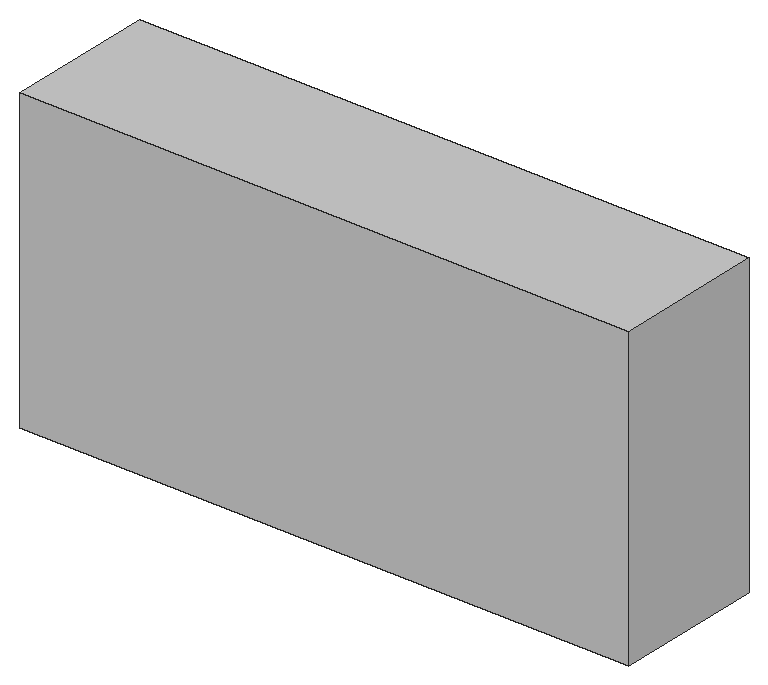
Revit family "056791bafcf44a65bdef2d2d68aa19bf", category 结构框架, Revit 2023
Family settings
  显示在隐藏视图中 = 被其他构件隐藏的边缘
  结构框架长度舍入 = 1 mm
  截面形状 = 未定义
  用于模型行为的材质 = 混凝土
  始终导出为几何图形 = 否
  总是垂直 = 是
  加载时剪切的空心 = 否
  符号表示法 = 从族
  共享 = 否
  在平面视图中显示族的预剪切 = 是
Parameters (values of type "300 x 600mm")
  Structural Material [instance] = 混凝土 - 现场浇注混凝土
  Assembly Code = ""
  Length [instance] = 1524 mm
  b = 300 mm
  h = 600 mm
Types (3, lengths in mm): name | Structural Material | b | h
  (no name) | 混凝土 - 现场浇注混凝土 | 300 | 600
  400 x 800mm | none | 400 | 800
  300 x 600mm | 混凝土 - 现场浇注混凝土 | 300 | 600
Reference planes
  plane 1 "中心(前/后)": y = 0
  plane 2: z = 0
  plane 3 "中心(左/右)": x = 4.61
  plane 4 "左构件": x = -604.99
  plane 5 "右构件": x = 614.21
  plane 6: y = 150
  plane 7: y = -150
  plane 8: z = 300
  plane 9 "底": z = -300
  plane 10 "左": x = -757.39
  plane 11 "右": x = 766.61
Forms (mm)
  Sweep 1, solid, material "混凝土 - 现场浇注混凝土" <- "Structural Material"
    path origin (0, 0, 0) x (1, 0, 0) y (0, 1, 0)
      loop
        line (614.21, 0) -> (-604.99, 0)
    profile "M_矩形梁 - 轮廓 : M_矩形梁 - 轮廓" origin (4.61, 0, 0) x (0, -1, 0) y (0, 0, 1)
      loop
        line (-150, -300) -> (150, -300) -> (150, 300) -> (-150, 300) -> (-150, -300)
Dimensions and locks
  "b": plane 6 to plane 7
  equal spacing: plane 9 "底", plane 2, plane 8
  equal spacing: plane 6, plane 1 "中心(前/后)", plane 7
  "h": plane 9 "底" to plane 8
  "Length": plane 10 "左" to plane 11 "右"
  aligned and locked: Sweep 1 sketch curve to plane 1 "中心(前/后)"
  aligned and locked: plane 4 "左构件" to Sweep 1 sketch curve
  aligned and locked: plane 5 "右构件" to Sweep 1 sketch curve
